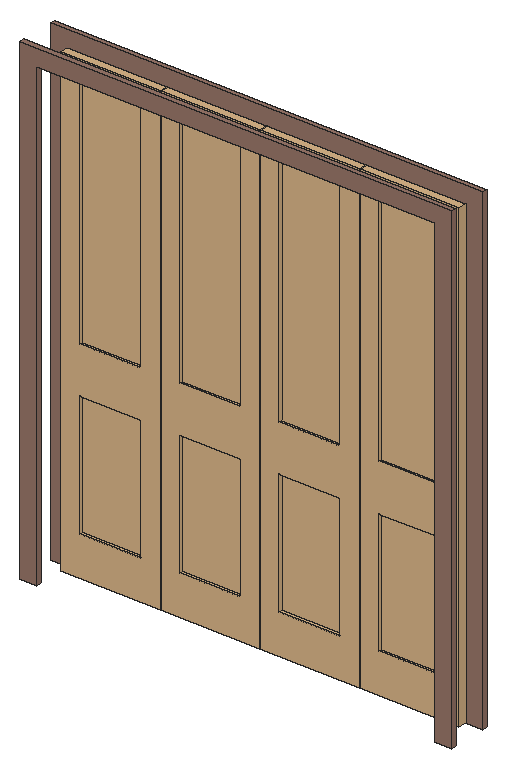
Revit family
Parameters (values of type "1830 x 2134mm")
  Thickness = 44 mm
  Operation = "DoubleDoorFolding"
  Assembly Code = ""
  Description = ""
  Door Material = Door - Panel
  Frame Material = Door - Frame
  Height = 2134 mm
  Trim Width = 76 mm
  Wall Closure = (empty or 0)
  Width = 1830 mm
Types (4, lengths in mm): name | Height | Width
  1220 x 2134mm | 2134 | 1220
  1525 x 2134mm | 2134 | 1525
  1830 x 2134mm | 2134 | 1830
  1830 x 2032mm | 2032 | 1830
Reference planes
  plane 1: y = 0
  plane 2 "Center": x = 0
  plane 3 "Left": x = -915
  plane 4 "Right": x = 915
  plane 5 "Top": z = 2134
  plane 6: x = -457.5
  plane 7: x = 457.5
  plane 8: z = 1067
  plane 9: x = -508.3
  plane 10: x = -101.6
  plane 11: y = 76.2
  plane 12: x = 101.6
  plane 13: x = 508.3
  plane 14: y = 38.1
  plane 15: y = -101.6
  plane 16: y = -76.2
  plane 17: y = 101.6
  plane 18: z = 184.15
  plane 19: z = 2051.45
  plane 20: z = 749.3
  plane 21: z = 965.2
  plane 22: x = 826.1
  plane 23: x = 546.4
  plane 24: x = 88.9
  plane 25: x = 368.6
  plane 26: x = -88.9
  plane 27: x = -368.6
  plane 28: x = -546.4
  plane 29: x = -826.1
  plane 30: y = 63.5
  plane 31: y = 50.8
Forms (mm)
  Extrusion 1, solid, material "Door - Panel" <- "Door Material"
    sketch origin (-1524, 76.2, 0) x (-1, 0, 0) y (0, 0, 1)
      loop
        line (-2439, 0) -> (-1981.5, 0) -> (-1981.5, 2134) -> (-2439, 2134) -> (-2439, 0)
      loop
        line (-2350.1, 2051.45) -> (-2350.1, 965.2) -> (-2070.4, 965.2) -> (-2070.4, 2051.45) -> (-2350.1, 2051.45)
      loop
        line (-2350.1, 749.3) -> (-2350.1, 184.15) -> (-2070.4, 184.15) -> (-2070.4, 749.3) -> (-2350.1, 749.3)
    from 0 to -38.1
  Extrusion 2, solid, material "Door - Panel" <- "Door Material"
    sketch origin (-1524, 76.2, 0) x (-1, 0, 0) y (0, 0, 1)
      loop
        line (-1981.5, 0) -> (-1524, 0) -> (-1524, 2134) -> (-1981.5, 2134) -> (-1981.5, 0)
      loop
        line (-1892.6, 2051.45) -> (-1892.6, 965.2) -> (-1612.9, 965.2) -> (-1612.9, 2051.45) -> (-1892.6, 2051.45)
      loop
        line (-1892.6, 749.3) -> (-1892.6, 184.15) -> (-1612.9, 184.15) -> (-1612.9, 749.3) -> (-1892.6, 749.3)
    from 0 to -38.1
  Extrusion 3, solid, material "Door - Panel" <- "Door Material"
    sketch origin (-1524, 76.2, 0) x (-1, 0, 0) y (0, 0, 1)
      loop
        line (-1524, 0) -> (-1066.5, 0) -> (-1066.5, 2134) -> (-1524, 2134) -> (-1524, 0)
      loop
        line (-1435.1, 2051.45) -> (-1435.1, 965.2) -> (-1155.4, 965.2) -> (-1155.4, 2051.45) -> (-1435.1, 2051.45)
      loop
        line (-1435.1, 749.3) -> (-1435.1, 184.15) -> (-1155.4, 184.15) -> (-1155.4, 749.3) -> (-1435.1, 749.3)
    from 0 to -38.1
  Extrusion 4, solid, material "Door - Panel" <- "Door Material"
    sketch origin (-1524, 76.2, 0) x (-1, 0, 0) y (0, 0, 1)
      loop
        line (-1066.5, 0) -> (-609, 0) -> (-609, 2134) -> (-1066.5, 2134) -> (-1066.5, 0)
      loop
        line (-977.6, 2051.45) -> (-977.6, 965.2) -> (-697.9, 965.2) -> (-697.9, 2051.45) -> (-977.6, 2051.45)
      loop
        line (-977.6, 749.3) -> (-977.6, 184.15) -> (-697.9, 184.15) -> (-697.9, 749.3) -> (-977.6, 749.3)
    from 0 to -38.1
  Extrusion 5, solid, material "Door - Frame" <- "Frame Material"
    sketch origin (-1524, 76.2, 0) x (-1, 0, 0) y (0, 0, 1)
      loop
        line (-2515, 2210) -> (-2515, 0) -> (-2439, 0) -> (-2439, 2134) -> (-609, 2134) -> (-609, 0) -> (-533, 0) -> (-533, 2210) -> (-2515, 2210)
    from 0 to 25.4
  Extrusion 6, solid, material "Door - Frame" <- "Frame Material"
    sketch origin (-1524, -76.2, 0) x (-1, 0, 0) y (0, 0, -1)
      loop
        line (-2515, -2210) -> (-533, -2210) -> (-533, 0) -> (-609, 0) -> (-609, -2134) -> (-2439, -2134) -> (-2439, 0) -> (-2515, 0) -> (-2515, -2210)
    from 25.4 to 0
  Extrusion 7, solid, material "Door - Panel" <- "Door Material"
    sketch origin (-1524, 76.2, 0) x (-1, 0, 0) y (0, 0, 1)
      loop
        line (-2350.1, 2051.45) -> (-2350.1, 965.2) -> (-2070.4, 965.2) -> (-2070.4, 2051.45) -> (-2350.1, 2051.45)
      loop
        line (-2350.1, 749.3) -> (-2350.1, 184.15) -> (-2070.4, 184.15) -> (-2070.4, 749.3) -> (-2350.1, 749.3)
      loop
        line (-1892.6, 2051.45) -> (-1892.6, 965.2) -> (-1612.9, 965.2) -> (-1612.9, 2051.45) -> (-1892.6, 2051.45)
      loop
        line (-1892.6, 749.3) -> (-1892.6, 184.15) -> (-1612.9, 184.15) -> (-1612.9, 749.3) -> (-1892.6, 749.3)
      loop
        line (-1435.1, 749.3) -> (-1435.1, 184.15) -> (-1155.4, 184.15) -> (-1155.4, 749.3) -> (-1435.1, 749.3)
      loop
        line (-1155.4, 2051.45) -> (-1435.1, 2051.45) -> (-1435.1, 965.2) -> (-1155.4, 965.2) -> (-1155.4, 2051.45)
      loop
        line (-697.9, 2051.45) -> (-977.6, 2051.45) -> (-977.6, 965.2) -> (-697.9, 965.2) -> (-697.9, 2051.45)
      loop
        line (-697.9, 749.3) -> (-977.6, 749.3) -> (-977.6, 184.15) -> (-697.9, 184.15) -> (-697.9, 749.3)
    from -25.4 to -12.7
Lines and regions (mm)
  Opening 1
    outline origin (-2286, -76.2, 0) x (1, 0, 0) y (0, 0, 1)
      loop
        line (1371, 0) -> (3201, 0) -> (3201, 2134) -> (1371, 2134) -> (1371, 0)
  symbolic lines, style "InvisibleLines", detail levels coarse
    curve 1: line (-915, 76.2, 0) -> (-508.3, 289.287, 0)
    curve 2: line (-508.3, 289.287, 0) -> (-101.6, 76.2, 0)
    curve 11: line (508.407, 289.287, 0) -> (912.726, 77.447, 0)
    curve 15: line (508.193, 289.287, 0) -> (101.493, 76.2, 0)
  symbolic lines, style "DoorsPanelProjection"
    curve 3: line (-914.893, 76.002, 0) -> (-528.737, 321.442, 0)
    curve 4: line (-894.456, 43.847, 0) -> (-914.893, 76.002, 0)
    curve 5: line (-508.3, 289.287, 0) -> (-894.456, 43.847, 0)
    curve 6: line (-528.737, 321.442, 0) -> (-508.3, 289.287, 0)
    curve 7: line (-101.707, 76.002, 0) -> (-487.863, 321.442, 0)
    curve 8: line (-122.144, 43.847, 0) -> (-101.707, 76.002, 0)
    curve 9: line (-508.3, 289.287, 0) -> (-122.144, 43.847, 0)
    curve 10: line (-487.863, 321.442, 0) -> (-508.3, 289.287, 0)
    curve 12: line (912.726, 77.447, 0) -> (528.844, 321.442, 0)
    curve 13: line (508.407, 289.287, 0) -> (894.563, 43.847, 0)
    curve 14: line (528.844, 321.442, 0) -> (508.407, 289.287, 0)
    curve 16: line (101.6, 76.002, 0) -> (487.756, 321.442, 0)
    curve 17: line (122.037, 43.847, 0) -> (101.6, 76.002, 0)
    curve 18: line (508.193, 289.287, 0) -> (122.037, 43.847, 0)
    curve 19: line (487.756, 321.442, 0) -> (508.193, 289.287, 0)
    curve 20: line (894.563, 43.847, 0) -> (912.726, 77.447, 0)
  symbolic lines, style "Elevation Swing"
    curve 21: line (-915, 0, 2134) -> (-457.5, 0, 1067)
    curve 22: line (-915, 0, 0) -> (-457.5, 0, 1067)
    curve 23: line (-457.5, 0, 0) -> (0, 0, 1067)
    curve 24: line (0, 0, 1067) -> (-457.5, 0, 2134)
    curve 25: line (915, 0, 2134) -> (457.5, 0, 1067)
    curve 26: line (915, 0, 0) -> (457.5, 0, 1067)
    curve 27: line (457.5, 0, 0) -> (0, 0, 1067)
    curve 28: line (457.5, 0, 2134) -> (0, 0, 1067)
Text (mm)
  text "Exterior" at (-1490.41, 656.754, 0), in view "Floor Line"
  text "Interior" at (-1482.03, -412.535, 0), in view "Floor Line"
  text "Exterior" at (0, 1019.848, 3124.603), in view "Right"
  text "Interior" at (0, -1635.541, 3124.603), in view "Right"
  text "Interior" at (0, -787.806, 3124.376), in view "Left"
  text "Exterior" at (0, 1386.095, 3124.376), in view "Left"
Dimensions and locks
  "Height": host wall to plane 5 "Top"
  "Trim Width": Extrusion 5 sketch curve to Extrusion 1
  "Trim Width": Extrusion 5 sketch curve to Extrusion 5 sketch curve
  "Trim Width": Extrusion 5 sketch curve to Extrusion 4
  "Trim Width": Extrusion 6 sketch curve to Extrusion 6 sketch curve
  locked: plane 10 to plane 2 "Center" at 101.6
  locked: plane 2 "Center" to plane 12 at 101.6
  "Width": plane 3 "Left" to plane 4 "Right"
  locked: plane 15 to host wall at 25.4
  locked: plane 14 to plane 11 at 38.1
  locked: plane 17 to plane 11 at 25.4
  "Trim Width": plane 4 "Right" to Extrusion 6 sketch curve
  "Trim Width": plane 3 "Left" to Extrusion 6 sketch curve
  equal spacing: plane 3 "Left", plane 9, plane 10
  equal spacing: plane 12, plane 13, plane 4 "Right"
  equal spacing: plane 3 "Left", plane 6, plane 2 "Center", plane 7, plane 4 "Right"
  level to plane 18 to plane 20 to plane 21 = 184.15 mm, 565.15 mm, 215.9 mm
  plane 19 to plane 5 "Top" = 82.55 mm
  plane 4 "Right" to plane 22 = 88.9 mm
  plane 23 to plane 7 = 88.9 mm
  plane 7 to plane 25 = 88.9 mm
  plane 24 to plane 2 "Center" = 88.9 mm
  plane 2 "Center" to plane 26 = 88.9 mm
  plane 27 to plane 6 = 88.9 mm
  plane 6 to plane 28 = 88.9 mm
  plane 29 to plane 3 "Left" = 88.9 mm
  locked: plane 11 to host wall at 0
  plane 14 to plane 31 to plane 30 to Extrusion 4 = 12.7 mm, 12.7 mm, 12.7 mm
  equal spacing: level, plane 8, plane 5 "Top"
  aligned and locked: plane 3 "Left" to Opening 1 sketch curve
  aligned and locked: plane 5 "Top" to Opening 1 sketch curve  (x2)
  aligned and locked: Opening 1 sketch curve to plane 4 "Right"
  aligned and locked: Opening 1 sketch curve to level
  aligned and locked: Extrusion 5 sketch curve to plane 5 "Top"
  aligned and locked: Extrusion 5 sketch curve to host wall
  aligned and locked: plane 15 to Extrusion 6
  aligned and locked: Extrusion 6 to host wall
  aligned and locked: plane 16 to host wall
  aligned and locked: plane 17 to Extrusion 5
  aligned and locked: Extrusion 5 to host wall
  aligned and locked: Extrusion 7 sketch curve to Extrusion 1  (x3)
  aligned and locked: Extrusion 7 sketch curve to Extrusion 2  (x4)
  aligned and locked: Extrusion 7 sketch curve to Extrusion 3  (x4)
  aligned and locked: Extrusion 7 sketch curve to Extrusion 4  (x2)
  aligned and locked: Extrusion 7 to plane 30
  aligned and locked: plane 31 to Extrusion 7
  aligned and locked: Extrusion 4 to plane 14
  aligned and locked: plane 14 to Extrusion 3
  aligned and locked: plane 14 to Extrusion 2
  aligned and locked: plane 14 to Extrusion 1
  aligned and locked: host wall to curve 21
  aligned and locked: Extrusion 3 to curve 21
  aligned and locked: host wall to curve 22
  aligned and locked: curve 23 to Extrusion 3
  aligned and locked: Extrusion 2 to curve 23
  aligned and locked: Extrusion 3 to curve 24
  aligned and locked: curve 25 to host wall
  aligned and locked: Extrusion 1 to curve 25
  aligned and locked: curve 26 to host wall
  aligned and locked: curve 27 to Extrusion 1
  aligned and locked: Extrusion 1 to curve 28
Automatic sketch dimensions
  Extrusion 5 sketch curve to level = 0 mm  (x2)
  Extrusion 5 sketch curve to plane 3 "Left" = 0 mm
  Extrusion 6 sketch curve to level = 0 mm  (x2)
  Extrusion 6 sketch curve to plane 4 "Right" = 0 mm
  Extrusion 6 sketch curve to plane 3 "Left" = 0 mm
  Extrusion 6 sketch curve to plane 5 "Top" = 0 mm
  Extrusion 1 sketch curve to level = 0 mm
  Extrusion 1 sketch curve to plane 4 "Right" = 0 mm
  Extrusion 1 sketch curve to plane 20 = 0 mm
  Extrusion 1 sketch curve to plane 22 = 0 mm  (x2)
  Extrusion 1 sketch curve to plane 18 = 0 mm
  Extrusion 1 sketch curve to plane 19 = 0 mm
  Extrusion 1 sketch curve to plane 23 = 0 mm  (x2)
  Extrusion 1 sketch curve to plane 7 = 0 mm
  Extrusion 1 sketch curve to plane 21 = 0 mm
  Extrusion 1 sketch curve to plane 5 "Top" = 0 mm
  Extrusion 2 sketch curve to level = 0 mm
  Extrusion 2 sketch curve to plane 7 = 0 mm
  Extrusion 2 sketch curve to plane 2 "Center" = 0 mm
  Extrusion 2 sketch curve to plane 5 "Top" = 0 mm
  Extrusion 3 sketch curve to level = 0 mm
  Extrusion 3 sketch curve to plane 2 "Center" = 0 mm
  Extrusion 3 sketch curve to plane 6 = 0 mm
  Extrusion 3 sketch curve to plane 5 "Top" = 0 mm
  Extrusion 4 sketch curve to level = 0 mm
  Extrusion 4 sketch curve to plane 6 = 0 mm
  Extrusion 4 sketch curve to plane 21 = 0 mm
  Extrusion 4 sketch curve to plane 28 = 0 mm  (x2)
  Extrusion 4 sketch curve to plane 19 = 0 mm
  Extrusion 4 sketch curve to plane 29 = 0 mm  (x2)
  Extrusion 4 sketch curve to plane 3 "Left" = 0 mm
  Extrusion 4 sketch curve to plane 5 "Top" = 0 mm
  Extrusion 7 sketch curve to plane 18 = 0 mm  (x4)
  Extrusion 7 sketch curve to plane 28 = 0 mm  (x2)
  Extrusion 7 sketch curve to plane 29 = 0 mm  (x2)
  Extrusion 7 sketch curve to plane 20 = 0 mm  (x4)
  Extrusion 2 sketch curve to plane 18 = 0 mm
  Extrusion 2 sketch curve to plane 25 = 0 mm  (x2)
  Extrusion 2 sketch curve to plane 20 = 0 mm
  Extrusion 2 sketch curve to plane 24 = 0 mm  (x2)
  Extrusion 2 sketch curve to plane 21 = 0 mm
  Extrusion 3 sketch curve to plane 18 = 0 mm
  Extrusion 3 sketch curve to plane 26 = 0 mm  (x2)
  Extrusion 3 sketch curve to plane 20 = 0 mm
  Extrusion 3 sketch curve to plane 27 = 0 mm  (x2)
  Extrusion 3 sketch curve to plane 21 = 0 mm
  Extrusion 4 sketch curve to plane 18 = 0 mm
  Extrusion 4 sketch curve to plane 20 = 0 mm
  Extrusion 7 sketch curve to plane 19 = 0 mm
  Extrusion 7 sketch curve to plane 22 = 0 mm
  Extrusion 7 sketch curve to plane 21 = 0 mm
  Extrusion 2 sketch curve to plane 19 = 0 mm
  Extrusion 7 sketch curve to plane 25 = 0 mm
  Extrusion 7 sketch curve to plane 24 = 0 mm
  Extrusion 3 sketch curve to plane 19 = 0 mm
  Extrusion 7 sketch curve to plane 26 = 0 mm
  Extrusion 7 sketch curve to plane 27 = 0 mm
  curve 1 to host wall = 0 mm
  curve 1 to plane 3 "Left" = 0 mm
  curve 5 to plane 9 = 0 mm
  curve 2 to host wall = 0 mm
  curve 2 to plane 10 = 0 mm
  curve 15 to host wall = 0 mm
  curve 16 to plane 12 = 0 mm
  curve 4 to plane 3 "Left" = 0.107 mm
  curve 5 to plane 14 = 5.747 mm
  curve 5 to plane 3 "Left" = 20.544 mm
  curve 7 to plane 9 = 20.437 mm
  curve 9 to plane 14 = 5.747 mm
  plane 10 to curve 9 = 20.544 mm
  plane 12 to curve 15 = 0.107 mm
  curve 18 to plane 14 = 5.747 mm
  curve 18 to plane 12 = 20.437 mm
  plane 13 to curve 19 = 20.544 mm
  curve 13 to plane 13 = 0.107 mm
  curve 12 to plane 23 = 17.556 mm
  curve 20 to plane 14 = 5.747 mm
  plane 4 "Right" to curve 20 = 20.437 mm
  curve 13 to plane 14 = 5.747 mm
  curve 13 to curve 20 = 0 mm
  host wall to curve 11 = 1.247 mm
  plane 4 "Right" to curve 11 = 2.274 mm
  curve 20 to curve 11 = 0 mm  (x2)
  curve 4 to host wall = 0.198 mm
  curve 16 to host wall = 0.198 mm
  curve 28 to plane 5 "Top" = 0 mm
  curve 24 to plane 5 "Top" = 0 mm
  curve 23 to plane 8 = 0 mm
  curve 22 to plane 8 = 0 mm
  curve 25 to plane 8 = 0 mm
  curve 22 to level = 0 mm
  curve 27 to level = 0 mm
  curve 26 to level = 0 mm
  curve 23 to level = 0 mm
  curve 21 to plane 3 "Left" = 0 mm
  curve 25 to plane 4 "Right" = 0 mm
